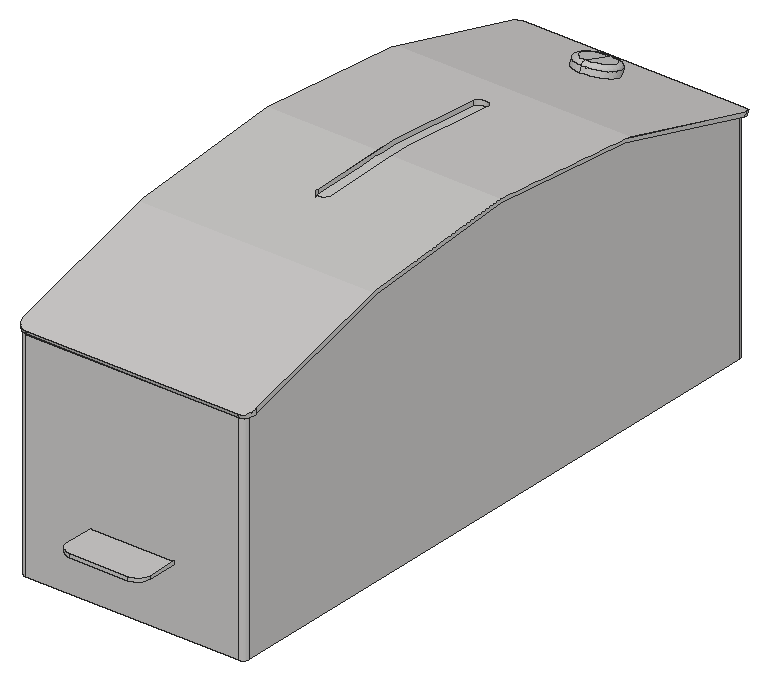
Revit family "PRD_AR_SoapDpnsrs_STRATOSSoapDispenser_STRX616,618,625", category Specialty Equipment, host Face, Revit 2018
Family settings
  Host = Face
  Round Connector Dimension = Use Diameter
  Part Type = Normal
  OmniClass Number = 23.40.20.21.34
  OmniClass Title = Soap Holders, Dispensers
  Cut with Voids When Loaded = No
  Shared = No
  Room Calculation Point = No
Parameters (values of type "STRX616")
  WarrantyStartDate [instance] = "1900-12-31T23:59:59"
  WarrantyGuarantorParts = "n/a"
  WarrantyGuarantorLabor = "n/a"
  WarrantyDurationUnit = "year"
  WarrantyDurationParts = "n/a"
  WarrantyDurationLabor = "n/a"
  WarrantyDescription = "n/a"
  Version = "1"
  Uniclass2015Version = "Products v1.10"
  Uniclass2015Title = "Soap dispensers"
  Uniclass2015Code = "Pr_40_70_22_81"
  URL = "www.kwc.com"
  TypeOfSoapContainer = "Single-use bag"
  TypeOfOperation = "Manual operation"
  TypeOfMounting = "Wall mounting"
  TypeOfConsumable = "Foam soap"
  TypeOfBatteries = "n/a"
  Type = STRX616 : STRX616
  TagNumber [instance] = "n/a"
  SustainabilityPerformance = "n/a"
  SurfaceTreatment = "InoxPlus (anti fingerprint)"
  Style = "Soap dispenser"
  SparePartsAccessories = "n/a"
  SoapDispenserMaterial = PRD_AR_StainlessSteel_SatinFinished
  Size = "134x305x112 mm"
  Shape = "n/a"
  SerialNumber [instance] = "n/a"
  Revision = "n/a"
  ReplacementCost = "n/a"
  ProductInformation = "https://pim.kwc.com/product/2000100001/attachment/datasheet?locale=en"
  Operation = "Manual"
  NumberOfBatteries = "n/a"
  NominalWidth = 112.00 mm
  NominalLength = 112.00 mm
  NominalHeight = 305.00 mm
  NominalDepth = 134.00 mm
  NetWeight = 2.51 kg
  Name = "Foam soap dispenser STRX616"
  NBSTypeID = "n/a"
  NBSReference = "45-35-72/358"
  NBSOfficeMasterTag = "n/a"
  NBSNote = "n/a"
  NBSDescription = "Soap dispensers"
  NBSCertification = "n/a"
  ModelReference = "STRX616"
  ModelNumber = "2000100001"
  Model = ModelReference  # "STRX616"
  MaterialsFinishAndColour = "Stainless steel, satin finished"
  MaterialsBody = "Stainless steel"
  Material = "Stainless steel"
  ManufacturerURL = "www.kwc.com"
  ManufacturerName = "KWC Group AG"  # constant formula
  Manufacturer = ManufacturerName  # "KWC Group AG"
  MainColor = "Stainless steel"
  Lock = "key-lock"
  IntegralAccessories = "Incl. stainless steel screws and dowels"
  InstallationDate [instance] = "1900-12-31T23:59:59"
  IfcExportType = "NOTDEFINED"
  IfcExportAs = "IfcFurnitureType"
  GrossWeight = 2.62 kg
  Grade = "n/a"
  Form = "Wall mounted"
  Finish = "Satin finished"
  FillingQuantity = "650 ml"
  Features = "stainless steel, 1.50 mm, satin finished, wall mounting"
  ExpectedLife = "n/a"
  DurationUnit = "year"
  DispendingTubeEACCS057 [instance] = no
  Description = "Foam soap dispenser for wall mounting, stainless steel, surface satin finished, front with InoxPlus surface refinement for the reduction of finger marks and better cleaning characteristics (easy to clean), material thickness 1.5 mm, curved front cover, cylinder lock with KWC standard key, inspection window on front, suitable for KWC foam soap, one bottle 650 ml foam soap included in first delivery, stainless steel pull lever, incl. stainless steel screws and dowels."
  Default Elevation = 1050.00 mm
  CreatedOn = "12/2018"  # constant formula
  Constituents = "n/a"
  Color = "Stainless steel"
  CodePerformance = "n/a"
  Category = "Pr_40_70_22_81, Soap dispensers"
  BarCode [instance] = "n/a"
  BIMObjectName = "PRD_AR_SpDpnsrs_EXOSSoapDispenser_STRX616"
  Author = "Archispace"  # constant formula
  AssetType = "Fixed"
  AssetIdentifier [instance] = "n/a"
  AccessibilityPerformance = "n/a"
Types (3, lengths in mm): name | TypeOfSoapContainer | TypeOfOperation | TypeOfConsumable | TypeOfBatteries | Type | SparePartsAccessories | Size | ProductInformation | NumberOfBatteries | NominalWidth | NominalLength | NominalHeight | NominalDepth | NetWeight | Name | ModelReference | ModelNumber | Model | GrossWeight | FillingQuantity | Features | DispendingTubeEACCS057 | Description | BIMObjectName
  STRX618 | "Integrated refillable bag" | "Manual operation" | "Liquid soap" | "n/a" | STRX618 : STRX618 | "n/a" | "100x304x134 mm" | "https://pim.kwc.com/product/2000057379/attachment/datasheet?locale=en" | "n/a" | 100.00 | 100.00 | 304.00 | 134.00 | 1.70 kg | "STRATOS Soap dispenser STRX618" | "STRX618" | "2000057379" | "STRX618" | 1.81 kg | "800 ml" | "stainless steel, 1.50 mm, satin finished, wall mounting, 100x304x134 mm (WxHxD)" | no | "Soap dispenser for wall mounting, stainless steel, surface satin finished, front with InoxPlus surface refinement for the reduction of finger marks and better cleaning characteristics (easy to clean), material thickness 1.5 mm, curved front cover, cylinder lock with KWC standard key, inspection window on front, suitable for liquid soaps and lotions, 0.8 liter soap tank, with plastic pull lever, incl. stainless steel screws and dowels." | "PRD_AR_SpDpnsrs_EXOSSoapDispenser_STRX618"
  STRX616 | "Single-use bag" | "Manual operation" | "Foam soap" | "n/a" | STRX616 : STRX616 | "n/a" | "134x305x112 mm" | "https://pim.kwc.com/product/2000100001/attachment/datasheet?locale=en" | "n/a" | 112.00 | 112.00 | 305.00 | 134.00 | 2.51 kg | "Foam soap dispenser STRX616" | "STRX616" | "2000100001" | "STRX616" | 2.62 kg | "650 ml" | "stainless steel, 1.50 mm, satin finished, wall mounting" | no | "Foam soap dispenser for wall mounting, stainless steel, surface satin finished, front with InoxPlus surface refinement for the reduction of finger marks and better cleaning characteristics (easy to clean), material thickness 1.5 mm, curved front cover, cylinder lock with KWC standard key, inspection window on front, suitable for KWC foam soap, one bottle 650 ml foam soap included in first delivery, stainless steel pull lever, incl. stainless steel screws and dowels." | "PRD_AR_SpDpnsrs_EXOSSoapDispenser_STRX616"
  STRX625 | "Integrated refillable tank" | "Sensor operation" | "Liquid soap" | "AA Mignon battery 1.5 V" | STRX625 : STRX625 | "Dispending tube EACCS057 (2000103334) for the use with alcohol based disinfection soap." | "126x303x120 mm" | "https://pim.kwc.com/product/2000057388/attachment/datasheet?locale=en" | "6" | 120.00 | 120.00 | 303.00 | 126.00 | 2.17 kg | "Foam soap dispenser STRX625" | "STRX625" | "2000057388" | "STRX625" | 2.47 kg | "800 ml" | "stainless steel, 1.50 mm, satin finished, wall mounting" | yes | "Touch free soap dispenser for wall mounting, stainless steel, surface satin finished, front with InoxPlus surface refinement for the reduction of finger marks and better cleaning characteristics (easy to clean), material thickness 1.5 mm, curved front cover, cylinder lock with KWC standard key, inspection window on front, infrared sensor activity for non-touch operation, red light shows battery status, incl. 6 pcs. 1.5 V Alkaline AA batteries, suitable for liquid soaps and lotions, 0.8 liter soap tank, depending on soap between 0.6 and 1.1 ml is dispensed, mounting height >300 mm above wash basin or table top, incl. stainless steel screws and dowels." | "PRD_AR_SpDpnsrs_EXOSSoapDispenser_STRX625"
Reference planes
  plane 1 "Center (Front/Back)": y = 0
  plane 2: z = 0
  plane 3 "Center (Left/Right)": x = 0
Dimensions and locks
  aligned and locked: plane 2 to host face
  aligned and locked: level to host face
Nested families
  nested 1: "STRX616" at (0, 0, 0), type <- "Type", type "STRX616"
    with WarrantyStartDate "1900-12-31T23:59:59", TagNumber "n/a", SerialNumber "n/a", InstallationDate "1900-12-31T23:59:59", BarCode "n/a", AssetIdentifier "n/a"
Definition of nested family "STRX616"
  Parameters (values of type "STRX616")
    WarrantyStartDate [instance] = "1900-12-31T23:59:59"
    WarrantyGuarantorParts = "n/a"
    WarrantyGuarantorLabor = "n/a"
    WarrantyDurationUnit = "year"
    WarrantyDurationParts = "n/a"
    WarrantyDurationLabor = "n/a"
    WarrantyDescription = "n/a"
    Version = "1"
    Uniclass2015Version = "Products v1.7"
    Uniclass2015Title = "Soap dispensers"
    Uniclass2015Code = "Pr_40_70_22_81"
    URL = "www.franke.com"
    TypeOfSoapContainer = "Integrated refillable bag"
    TypeOfConsumable = "Liquid soap"
    TagNumber [instance] = "n/a"
    SustainabilityPerformance = "n/a"
    Style = "Soap dispenser"
    SoapDispenserMaterial = none
    Size = "100x304x134 mm"
    Shape = "n/a"
    SerialNumber [instance] = "n/a"
    Revision = "n/a"
    ReplacementCost = "n/a"
    ProductInformation = "http://igh.franke.mycontent.ch/ch/pdf/Franke_ZDS_2000057379_EN.pdf"
    Operation = "Manual"
    NominalWidth = 100.00 mm
    NominalLength = 100.00 mm
    NominalHeight = 304.00 mm
    NominalDepth = 134.00 mm
    NetWeight = 1.70 kg
    Name = "STRATOS Soap dispenser STRX618"
    NBSTypeID = "n/a"
    NBSReference = "45-35-72/358"
    NBSOfficeMasterTag = "n/a"
    NBSNote = "n/a"
    NBSDescription = "Soap dispensers"
    NBSCertification = "n/a"
    ModelReference = "STRX618"
    ModelNumber = "2000057379"
    Model = ModelReference  # "STRX618"
    MaterialsFinishAndColour = "Stainless steel, satin finished"
    MaterialsBody = "Stainless steel"
    Material = "Stainless steel"
    ManufacturerURL = "www.franke.com"
    ManufacturerName = "FRANKE Water Systems AG"  # constant formula
    Manufacturer = ManufacturerName  # "FRANKE Water Systems AG"
    MainColor = "Stainless steel"
    IntegralAccessories = "Stainless steel screws and dowels incl."
    InstallationDate [instance] = "1900-12-31T23:59:59"
    IfcExportType = "NOTDEFINED"
    IfcExportAs = "IfcFurnitureType"
    GrossWeight = 1.81 kg
    Grade = "n/a"
    Form = "Wall mounted"
    Finish = "Satin finished"
    Features = "stainless steel, 1.50 mm, satin finished, wall mounting, 100x304x134 mm (WxHxD)"
    ExpectedLife = "n/a"
    DurationUnit = "year"
    Description = "Soap dispenser for wall mounting, stainless steel, surface satin finished, front with InoxPlus surface refinement for the reduction of finger marks and better cleaning characteristics (easy to clean), material thickness 1.5 mm, curved front cover, cylinder lock with Franke standard key, inspection window on front, suitable for liquid soaps and lotions, 0.8 liter soap tank, with plastic pull lever, incl. stainless steel screws and dowels."
    Default Elevation = 1050.00 mm
    Constituents = "n/a"
    Color = "Stainless steel"
    CodePerformance = "n/a"
    Category = "Pr_40_70_22_81, Soap dispensers"
    BarCode [instance] = "n/a"
    BIMObjectName = "PRD_FrankeWS_SoapDispensers_STRATOSSoapDispenser_STRX618"
    Author = "Archispace"  # constant formula
    AssetType = "Fixed"
    AssetIdentifier [instance] = "n/a"
    AccessibilityPerformance = "n/a"
  Reference planes
    plane 1 "Center (Front/Back)": y = 0
    plane 2: z = 0
    plane 3 "Center (Left/Right)": x = 0
  Forms (mm)
    Extrusion 1, solid
      sketch origin (0, 0, 0) x (1, 0, 0) y (0, 1, 0)
        loop
          line (-1219.2, 1219.2) -> (-1219.2, -1219.2) -> (1219.2, -1219.2) -> (1219.2, 1219.2) -> (-1219.2, 1219.2)
      from 0 to -304.8
    Revolve 2, solid, material <- "SoapDispenserMaterial", detail levels fine
      sketch origin (0, 0, 0) x (0, 1, 0) y (0, 0, 1)
        loop
          arc (272.292, 120.527) -> (270.767, 120.402) -> (269.776, 119.235) r 2
          line (269.776, 119.235) -> (268.965, 116.713) -> (278.46, 113.658) -> (279.884, 118.085) -> (272.292, 120.527)
        axis (278.46, 113.658) -> (279.884, 118.085)
      angle from 0 to 360
    Extrusion 3, void
      sketch origin (0, 0, 0) x (1, 0, 0) y (0, 1, 0)
        loop
          line (3.5, 115.782) -> (3.5, 208.782)
          arc (3.5, 208.782) -> (0, 212.282) -> (-3.5, 208.782) r 3.5
          line (-3.5, 208.782) -> (-3.5, 115.782)
          arc (-3.5, 115.782) -> (0, 112.282) -> (3.5, 115.782) r 3.5
      from 118.089 to 137.983
    Extrusion 4, solid, material <- "SoapDispenserMaterial", detail levels fine
      sketch origin (0, 0, 0) x (1, 0, 0) y (0, 1, 0)
        loop
          line (-54, 297) -> (-54, 3)
          arc (-54, 3) -> (-53.121, 0.879) -> (-51, 0) r 3
          line (-51, 0) -> (51, 0)
          arc (51, 0) -> (53.121, 0.879) -> (54, 3) r 3
          line (54, 3) -> (54, 297)
          arc (54, 297) -> (53.121, 299.121) -> (51, 300) r 3
          line (51, 300) -> (-51, 300)
          arc (-51, 300) -> (-53.121, 299.121) -> (-54, 297) r 3
      from 0 to 135.075
    Extrusion 5, void
      sketch origin (0, 0, 0) x (0, 1, 0) y (0, 0, 1)
        loop
          line (300, 103.934) -> (300, 135.075) -> (0, 135.075) -> (0, 103.934)
          arc (0, 103.934) -> (150, 131.811) -> (300, 103.934) r 417.5
      from -56 to 56
    Extrusion 6, solid, material <- "SoapDispenserMaterial", detail levels fine
      sketch origin (0, 0, 0) x (0, 1, 0) y (0, 0, 1)
        loop
          arc (302.987, 104.92) -> (151.448, 133.808) -> (-0.288, 105.966) r 419.5
          line (-0.288, 105.966) -> (0.404, 104.09)
          arc (0.404, 104.09) -> (151.441, 131.808) -> (302.282, 103.048) r 417.5
          line (302.282, 103.048) -> (302.987, 104.92)
      from -56 to 56
    Extrusion 7, void
      sketch origin (0, 301.623, 103.296) x (0, -0.935831, 0.35245) y (-1, 0, 0)
        loop
          line (-0.705, 56) -> (-0.705, 51)
          arc (-0.705, 51) -> (0.76, 54.536) -> (4.295, 56) r 5
          line (4.295, 56) -> (-0.705, 56)
        loop
          arc (4.295, -56) -> (0.76, -54.536) -> (-0.705, -51) r 5
          line (-0.705, -51) -> (-0.705, -56) -> (4.295, -56)
      from 1 to -3
    Extrusion 8, void
      sketch origin (0, 0.404, 104.09) x (0, -0.938241, -0.345983) y (-1, 0, 0)
        loop
          line (0, 51) -> (0, 56) -> (-5, 56)
          arc (-5, 56) -> (-1.464, 54.536) -> (0, 51) r 5
        loop
          line (0, -56) -> (0, -51)
          arc (0, -51) -> (-1.464, -54.536) -> (-5, -56) r 5
          line (-5, -56) -> (0, -56)
      from 1 to -3
    Extrusion 9, solid, material <- "SoapDispenserMaterial", detail levels fine
      sketch origin (0, 0, 0) x (1, 0, 0) y (0, 1, 0)
        loop
          line (0, 0) -> (-20, 0) -> (-20, -14.05)
          arc (-20, -14.05) -> (-18.243, -18.293) -> (-14, -20.05) r 6
          line (-14, -20.05) -> (14, -20.05)
          arc (14, -20.05) -> (18.243, -18.293) -> (20, -14.05) r 6
          line (20, -14.05) -> (20, 0) -> (0, 0)
      from 30 to 31.5
    Extrusion 10, solid, material <- "SoapDispenserMaterial", detail levels medium
      sketch origin (0, 0, 0) x (0, 1, 0) y (0, 0, 1)
        loop
          line (300, 0) -> (300, 106.069)
          arc (300, 106.069) -> (150, 133.811) -> (0, 106.069) r 419.396
          line (0, 106.069) -> (0, 0) -> (300, 0)
      from -56 to 56
    Extrusion 11, solid, material <- "SoapDispenserMaterial", detail levels coarse
      sketch origin (0, 0, 0) x (0, 1, 0) y (0, 0, 1)
        loop
          line (300, 0) -> (300, 133.808) -> (0, 133.808) -> (0, 0) -> (300, 0)
      from -56 to 56
  Cuts and joins
    Extrusion 5 cuts Extrusion 4
    Extrusion 3, Extrusion 7, Extrusion 8 cuts Extrusion 6
  Dimensions and locks
    aligned and locked: plane 2 to Extrusion 1
    aligned and locked: level to Extrusion 1
